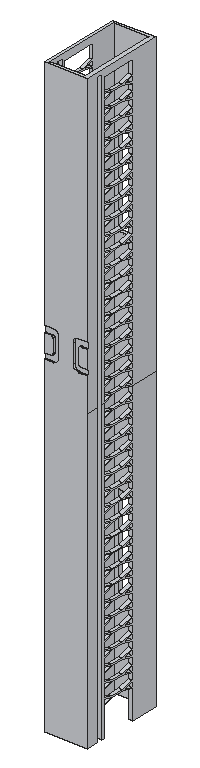
Revit family
Parameters
  Material ID = "760089466"
  Description = "Vertical Cable Management Kit, 6in X 96in (152mm X 2438mm) Single Sided, With Door, Black\r\nVertical Cable Management Kit, 6in X 84in (152mm X 2134mm) Single Sided, With Door, Black\r\nVERTICAL CABLE MANAGEMENT KIT, 6IN X 84IN(152MM X 2134MM) SINGLE SIDED, WITH DOOR, BLACK"
Reference planes (in)
  plane 1 "Center (Front/Back)": y = 0
  plane 2: z = 0
  plane 3 "Center (Left/Right)": x = 0
Forms (in)
  Extrusion 1, void, not visible
    sketch origin (0, 0, 0) x (1, 0, 0) y (0, 0, 1)
      loop
        line (-7.85662, 0.48089) -> (-7.85662, -0.39002) -> (-7.67285, -0.39002) -> (-7.67285, -0.64002) -> (-7.0736, -0.64002) -> (-7.0736, -0.39002) -> (-6.92978, -0.39002) -> (-6.92978, 0.48089) -> (-7.85662, 0.48089)
    from -3.79215 to 12
  Extrusion 2, void, not visible
    sketch origin (0, 0, 0) x (1, 0, 0) y (0, 0, 1)
      loop
        line (-8.21397, 0.42583) -> (-8.21397, -0.07417) -> (-8.08657, -0.07417) -> (-8.08657, -0.27417) -> (-7.83657, -0.27417) -> (-7.83657, -0.07417) -> (-7.72497, -0.07417) -> (-7.72497, 0.42583) -> (-8.21397, 0.42583)
    from 0.74059 to 3.34334
  Extrusion 3, solid
    sketch origin (0, 0, 0) x (1, 0, 0) y (0, 0, 1)
      loop
        line (3, 42) -> (-3, 42) -> (-3, -42) -> (3, -42) -> (3, 0) -> (3, 42)
    from 11.281 to -0.669
  Extrusion 4, void
    sketch origin (0, 0, 0) x (1, 0, 0) y (0, 0, 1)
      loop
        line (-3, 9.00056) -> (-3, 8.06684) -> (-2.1, 8.06684)
        arc (-2.1, 8.06684) -> (-1.88787, 7.97898) -> (-1.8, 7.76684) r 0.3
        line (-1.8, 7.76684) -> (-1.8, 5.85056)
        arc (-1.8, 5.85056) -> (-1.88787, 5.63843) -> (-2.1, 5.55056) r 0.3
        line (-2.1, 5.55056) -> (-3, 5.55056) -> (-3, 4.75056) -> (-1.8, 4.75056)
        arc (-1.8, 4.75056) -> (-1.23431, 4.98488) -> (-1, 5.55056) r 0.8
        line (-1, 5.55056) -> (-1, 8.20056)
        arc (-1, 8.20056) -> (-1.23431, 8.76625) -> (-1.8, 9.00056) r 0.8
        line (-1.8, 9.00056) -> (-3, 9.00056)
      loop
        line (3, 9.00056) -> (1.8, 9.00056)
        arc (1.8, 9.00056) -> (1.23431, 8.76625) -> (1, 8.20056) r 0.8
        line (1, 8.20056) -> (1, 5.55056)
        arc (1, 5.55056) -> (1.23431, 4.98488) -> (1.8, 4.75056) r 0.8
        line (1.8, 4.75056) -> (3, 4.75056) -> (3, 5.55056) -> (2.1, 5.55056)
        arc (2.1, 5.55056) -> (1.88787, 5.63843) -> (1.8, 5.85056) r 0.3
        line (1.8, 5.85056) -> (1.8, 7.76684)
        arc (1.8, 7.76684) -> (1.88787, 7.97898) -> (2.1, 8.06684) r 0.3
        line (2.1, 8.06684) -> (3, 8.06684) -> (3, 9.00056)
    from 11.08569 to 11.281
  Extrusion 5, void
    sketch origin (0, 0, 0) x (1, 0, 0) y (0, 1, 0)
      loop
        line (2.45983, 0.18675) -> (-2.54017, 0.18675) -> (-2.54017, -10.9115) -> (2.45983, -10.9115) -> (2.45983, 0.18675)
    from -58.88014 to 54.97812
  Extrusion 6, void
    sketch origin (0, 0, 0) x (0, 1, 0) y (0, 0, 1)
      loop
        line (-3.37841, 39.06909) -> (-3.37841, 41.06909) -> (-8.50915, 41.06909) -> (-8.50915, 39.06909) -> (-6.81878, 38.61615) -> (-5.06878, 38.61615) -> (-3.37841, 39.06909)
      loop
        line (-3.37841, 38.06909) -> (-5.06878, 38.52202) -> (-6.81878, 38.52202) -> (-8.50915, 38.06909) -> (-8.50915, 37.81909) -> (-8.50915, 37.06909) -> (-6.81878, 36.61615) -> (-5.06878, 36.61615) -> (-3.37841, 37.06909) -> (-3.37841, 37.81909) -> (-3.37841, 38.06909)
      loop
        line (-3.37841, 39.00985) -> (-4.9864, 38.57899) -> (-3.37841, 38.14813) -> (-3.37841, 39.00985)
      loop
        line (-8.50915, 39.00985) -> (-8.50915, 38.14813) -> (-6.90115, 38.57899) -> (-8.50915, 39.00985)
      loop
        line (-3.37841, 36.06909) -> (-5.06878, 36.52202) -> (-6.81878, 36.52202) -> (-8.50915, 36.06909) -> (-8.50915, 35.06909) -> (-6.81878, 34.61615) -> (-5.06878, 34.61615) -> (-3.37841, 35.06909) -> (-3.37841, 36.06909)
      loop
        line (-3.37841, 37.00985) -> (-4.9864, 36.57899) -> (-3.37841, 36.14813) -> (-3.37841, 37.00985)
      loop
        line (-8.50915, 37.00985) -> (-8.50915, 36.14813) -> (-6.90115, 36.57899) -> (-8.50915, 37.00985)
      loop
        line (-3.37841, 34.06909) -> (-5.06878, 34.52202) -> (-6.81878, 34.52202) -> (-8.50915, 34.06909) -> (-8.50915, 33.06909) -> (-6.81878, 32.61615) -> (-5.06878, 32.61615) -> (-3.37841, 33.06909) -> (-3.37841, 34.06909)
      loop
        line (-3.37841, 35.00985) -> (-4.9864, 34.57899) -> (-3.37841, 34.14813) -> (-3.37841, 35.00985)
      loop
        line (-8.50915, 35.00985) -> (-8.50915, 34.14813) -> (-6.90115, 34.57899) -> (-8.50915, 35.00985)
      loop
        line (-3.37841, 32.06909) -> (-5.06878, 32.52202) -> (-6.81878, 32.52202) -> (-8.50915, 32.06909) -> (-8.50915, 31.06909) -> (-6.81878, 30.61615) -> (-5.06878, 30.61615) -> (-3.37841, 31.06909) -> (-3.37841, 32.06909)
      loop
        line (-3.37841, 33.00985) -> (-4.9864, 32.57899) -> (-3.37841, 32.14813) -> (-3.37841, 33.00985)
      loop
        line (-8.50915, 33.00985) -> (-8.50915, 32.14813) -> (-6.90115, 32.57899) -> (-8.50915, 33.00985)
      loop
        line (-3.37841, 30.06909) -> (-5.06878, 30.52202) -> (-6.81878, 30.52202) -> (-8.50915, 30.06909) -> (-8.50915, 29.06909) -> (-6.81878, 28.61615) -> (-5.06878, 28.61615) -> (-3.37841, 29.06909) -> (-3.37841, 30.06909)
      loop
        line (-3.37841, 31.00985) -> (-4.9864, 30.57899) -> (-3.37841, 30.14813) -> (-3.37841, 31.00985)
      loop
        line (-8.50915, 31.00985) -> (-8.50915, 30.14813) -> (-6.90115, 30.57899) -> (-8.50915, 31.00985)
      loop
        line (-3.37841, 28.06909) -> (-5.06878, 28.52202) -> (-6.81878, 28.52202) -> (-8.50915, 28.06909) -> (-8.50915, 27.06909) -> (-6.81878, 26.61615) -> (-5.06878, 26.61615) -> (-3.37841, 27.06909) -> (-3.37841, 28.06909)
      loop
        line (-3.37841, 29.00985) -> (-4.9864, 28.57899) -> (-3.37841, 28.14813) -> (-3.37841, 29.00985)
      loop
        line (-8.50915, 29.00985) -> (-8.50915, 28.14813) -> (-6.90115, 28.57899) -> (-8.50915, 29.00985)
      loop
        line (-3.37841, 26.06909) -> (-5.06878, 26.52202) -> (-6.81878, 26.52202) -> (-8.50915, 26.06909) -> (-8.50915, 25.06909) -> (-6.81878, 24.61615) -> (-5.06878, 24.61615) -> (-3.37841, 25.06909) -> (-3.37841, 26.06909)
      loop
        line (-3.37841, 27.00985) -> (-4.9864, 26.57899) -> (-3.37841, 26.14813) -> (-3.37841, 27.00985)
      loop
        line (-8.50915, 27.00985) -> (-8.50915, 26.14813) -> (-6.90115, 26.57899) -> (-8.50915, 27.00985)
      loop
        line (-3.37841, 24.06909) -> (-5.06878, 24.52202) -> (-6.81878, 24.52202) -> (-8.50915, 24.06909) -> (-8.50915, 23.06909) -> (-6.81878, 22.61615) -> (-5.06878, 22.61615) -> (-3.37841, 23.06909) -> (-3.37841, 24.06909)
      loop
        line (-3.37841, 25.00985) -> (-4.9864, 24.57899) -> (-3.37841, 24.14813) -> (-3.37841, 25.00985)
      loop
        line (-8.50915, 25.00985) -> (-8.50915, 24.14813) -> (-6.90115, 24.57899) -> (-8.50915, 25.00985)
      loop
        line (-3.37841, 22.06909) -> (-5.06878, 22.52202) -> (-6.81878, 22.52202) -> (-8.50915, 22.06909) -> (-8.50915, 21.06909) -> (-6.81878, 20.61615) -> (-5.06878, 20.61615) -> (-3.37841, 21.06909) -> (-3.37841, 22.06909)
      loop
        line (-3.37841, 23.00985) -> (-4.9864, 22.57899) -> (-3.37841, 22.14813) -> (-3.37841, 23.00985)
      loop
        line (-8.50915, 23.00985) -> (-8.50915, 22.14813) -> (-6.90115, 22.57899) -> (-8.50915, 23.00985)
      loop
        line (-3.37841, 20.06909) -> (-5.06878, 20.52202) -> (-6.81878, 20.52202) -> (-8.50915, 20.06909) -> (-8.50915, 19.06909) -> (-6.81878, 18.61615) -> (-5.06878, 18.61615) -> (-3.37841, 19.06909) -> (-3.37841, 20.06909)
      loop
        line (-3.37841, 21.00985) -> (-4.9864, 20.57899) -> (-3.37841, 20.14813) -> (-3.37841, 21.00985)
      loop
        line (-8.50915, 21.00985) -> (-8.50915, 20.14813) -> (-6.90115, 20.57899) -> (-8.50915, 21.00985)
      loop
        line (-3.37841, 18.06909) -> (-5.06878, 18.52202) -> (-6.81878, 18.52202) -> (-8.50915, 18.06909) -> (-8.50915, 17.06909) -> (-6.81878, 16.61615) -> (-5.06878, 16.61615) -> (-3.37841, 17.06909) -> (-3.37841, 18.06909)
      loop
        line (-3.37841, 19.00985) -> (-4.9864, 18.57899) -> (-3.37841, 18.14813) -> (-3.37841, 19.00985)
      loop
        line (-8.50915, 19.00985) -> (-8.50915, 18.14813) -> (-6.90115, 18.57899) -> (-8.50915, 19.00985)
      loop
        line (-3.37841, 16.06909) -> (-5.06878, 16.52202) -> (-6.81878, 16.52202) -> (-8.50915, 16.06909) -> (-8.50915, 15.06909) -> (-6.81878, 14.61615) -> (-5.06878, 14.61615) -> (-3.37841, 15.06909) -> (-3.37841, 16.06909)
      loop
        line (-3.37841, 17.00985) -> (-4.9864, 16.57899) -> (-3.37841, 16.14813) -> (-3.37841, 17.00985)
      loop
        line (-8.50915, 17.00985) -> (-8.50915, 16.14813) -> (-6.90115, 16.57899) -> (-8.50915, 17.00985)
      loop
        line (-3.37841, 14.06909) -> (-5.06878, 14.52202) -> (-6.81878, 14.52202) -> (-8.50915, 14.06909) -> (-8.50915, 13.06909) -> (-6.81878, 12.61615) -> (-5.06878, 12.61615) -> (-3.37841, 13.06909) -> (-3.37841, 14.06909)
      loop
        line (-3.37841, 15.00985) -> (-4.9864, 14.57899) -> (-3.37841, 14.14813) -> (-3.37841, 15.00985)
      loop
        line (-8.50915, 15.00985) -> (-8.50915, 14.14813) -> (-6.90115, 14.57899) -> (-8.50915, 15.00985)
      loop
        line (-3.37841, 12.06909) -> (-5.06878, 12.52202) -> (-6.81878, 12.52202) -> (-8.50915, 12.06909) -> (-8.50915, 11.06909) -> (-6.81878, 10.61615) -> (-5.06878, 10.61615) -> (-3.37841, 11.06909) -> (-3.37841, 12.06909)
      loop
        line (-3.37841, 13.00985) -> (-4.9864, 12.57899) -> (-3.37841, 12.14813) -> (-3.37841, 13.00985)
      loop
        line (-8.50915, 13.00985) -> (-8.50915, 12.14813) -> (-6.90115, 12.57899) -> (-8.50915, 13.00985)
      loop
        line (-3.37841, 10.06909) -> (-5.06878, 10.52202) -> (-6.81878, 10.52202) -> (-8.50915, 10.06909) -> (-8.50915, 9.06909) -> (-6.81878, 8.61615) -> (-5.06878, 8.61615) -> (-3.37841, 9.06909) -> (-3.37841, 10.06909)
      loop
        line (-3.37841, 11.00985) -> (-4.9864, 10.57899) -> (-3.37841, 10.14813) -> (-3.37841, 11.00985)
      loop
        line (-8.50915, 11.00985) -> (-8.50915, 10.14813) -> (-6.90115, 10.57899) -> (-8.50915, 11.00985)
      loop
        line (-3.37841, 8.06909) -> (-5.06878, 8.52202) -> (-6.81878, 8.52202) -> (-8.50915, 8.06909) -> (-8.50915, 7.06909) -> (-6.81878, 6.61615) -> (-5.06878, 6.61615) -> (-3.37841, 7.06909) -> (-3.37841, 8.06909)
      loop
        line (-3.37841, 9.00985) -> (-4.9864, 8.57899) -> (-3.37841, 8.14813) -> (-3.37841, 9.00985)
      loop
        line (-8.50915, 9.00985) -> (-8.50915, 8.14813) -> (-6.90115, 8.57899) -> (-8.50915, 9.00985)
      loop
        line (-3.37841, 6.06909) -> (-5.06878, 6.52202) -> (-6.81878, 6.52202) -> (-8.50915, 6.06909) -> (-8.50915, 5.06909) -> (-6.81878, 4.61615) -> (-5.06878, 4.61615) -> (-3.37841, 5.06909) -> (-3.37841, 6.06909)
      loop
        line (-3.37841, 7.00985) -> (-4.9864, 6.57899) -> (-3.37841, 6.14813) -> (-3.37841, 7.00985)
      loop
        line (-8.50915, 7.00985) -> (-8.50915, 6.14813) -> (-6.90115, 6.57899) -> (-8.50915, 7.00985)
      loop
        line (-3.37841, 4.06909) -> (-5.06878, 4.52202) -> (-6.81878, 4.52202) -> (-8.50915, 4.06909) -> (-8.50915, 3.06909) -> (-6.81878, 2.61615) -> (-5.06878, 2.61615) -> (-3.37841, 3.06909) -> (-3.37841, 4.06909)
      loop
        line (-3.37841, 5.00985) -> (-4.9864, 4.57899) -> (-3.37841, 4.14813) -> (-3.37841, 5.00985)
      loop
        line (-8.50915, 5.00985) -> (-8.50915, 4.14813) -> (-6.90115, 4.57899) -> (-8.50915, 5.00985)
      loop
        line (-3.37841, 2.06909) -> (-5.06878, 2.52202) -> (-6.81878, 2.52202) -> (-8.50915, 2.06909) -> (-8.50915, 1.06909) -> (-6.81878, 0.61615) -> (-5.06878, 0.61615) -> (-3.37841, 1.06909) -> (-3.37841, 2.06909)
      loop
        line (-3.37841, 3.00985) -> (-4.9864, 2.57899) -> (-3.37841, 2.14813) -> (-3.37841, 3.00985)
      loop
        line (-8.50915, 3.00985) -> (-8.50915, 2.14813) -> (-6.90115, 2.57899) -> (-8.50915, 3.00985)
      loop
        line (-3.37841, 0.06909) -> (-5.06878, 0.52202) -> (-6.81878, 0.52202) -> (-8.50915, 0.06909) -> (-8.50915, -0.93091) -> (-6.81878, -1.38385) -> (-5.06878, -1.38385) -> (-3.37841, -0.93091) -> (-3.37841, 0.06909)
      loop
        line (-3.37841, 1.00985) -> (-4.9864, 0.57899) -> (-3.37841, 0.14813) -> (-3.37841, 1.00985)
      loop
        line (-8.50915, 1.00985) -> (-8.50915, 0.14813) -> (-6.90115, 0.57899) -> (-8.50915, 1.00985)
      loop
        line (-3.37841, -1.93091) -> (-5.06878, -1.47798) -> (-6.81878, -1.47798) -> (-8.50915, -1.93091) -> (-8.50915, -2.93091) -> (-6.81878, -3.38385) -> (-5.06878, -3.38385) -> (-3.37841, -2.93091) -> (-3.37841, -1.93091)
      loop
        line (-3.37841, -0.99015) -> (-4.9864, -1.42101) -> (-3.37841, -1.85187) -> (-3.37841, -0.99015)
      loop
        line (-8.50915, -0.99015) -> (-8.50915, -1.85187) -> (-6.90115, -1.42101) -> (-8.50915, -0.99015)
      loop
        line (-3.37841, -3.93091) -> (-5.06878, -3.47798) -> (-6.81878, -3.47798) -> (-8.50915, -3.93091) -> (-8.50915, -4.93091) -> (-6.81878, -5.38385) -> (-5.06878, -5.38385) -> (-3.37841, -4.93091) -> (-3.37841, -3.93091)
      loop
        line (-3.37841, -2.99015) -> (-4.9864, -3.42101) -> (-3.37841, -3.85187) -> (-3.37841, -2.99015)
      loop
        line (-8.50915, -2.99015) -> (-8.50915, -3.85187) -> (-6.90115, -3.42101) -> (-8.50915, -2.99015)
      loop
        line (-3.37841, -5.93091) -> (-5.06878, -5.47798) -> (-6.81878, -5.47798) -> (-8.50915, -5.93091) -> (-8.50915, -6.93091) -> (-6.81878, -7.38385) -> (-5.06878, -7.38385) -> (-3.37841, -6.93091) -> (-3.37841, -5.93091)
      loop
        line (-3.37841, -4.99015) -> (-4.9864, -5.42101) -> (-3.37841, -5.85187) -> (-3.37841, -4.99015)
      loop
        line (-8.50915, -4.99015) -> (-8.50915, -5.85187) -> (-6.90115, -5.42101) -> (-8.50915, -4.99015)
      loop
        line (-3.37841, -7.93091) -> (-5.06878, -7.47798) -> (-6.81878, -7.47798) -> (-8.50915, -7.93091) -> (-8.50915, -8.93091) -> (-6.81878, -9.38385) -> (-5.06878, -9.38385) -> (-3.37841, -8.93091) -> (-3.37841, -7.93091)
      loop
        line (-3.37841, -6.99015) -> (-4.9864, -7.42101) -> (-3.37841, -7.85187) -> (-3.37841, -6.99015)
      loop
        line (-8.50915, -6.99015) -> (-8.50915, -7.85187) -> (-6.90115, -7.42101) -> (-8.50915, -6.99015)
      loop
        line (-3.37841, -9.93091) -> (-5.06878, -9.47798) -> (-6.81878, -9.47798) -> (-8.50915, -9.93091) -> (-8.50915, -10.93091) -> (-6.81878, -11.38385) -> (-5.06878, -11.38385) -> (-3.37841, -10.93091) -> (-3.37841, -9.93091)
      loop
        line (-3.37841, -8.99015) -> (-4.9864, -9.42101) -> (-3.37841, -9.85187) -> (-3.37841, -8.99015)
      loop
        line (-8.50915, -8.99015) -> (-8.50915, -9.85187) -> (-6.90115, -9.42101) -> (-8.50915, -8.99015)
      loop
        line (-3.37841, -11.93091) -> (-5.06878, -11.47798) -> (-6.81878, -11.47798) -> (-8.50915, -11.93091) -> (-8.50915, -12.93091) -> (-6.81878, -13.38385) -> (-5.06878, -13.38385) -> (-3.37841, -12.93091) -> (-3.37841, -11.93091)
      loop
        line (-3.37841, -10.99015) -> (-4.9864, -11.42101) -> (-3.37841, -11.85187) -> (-3.37841, -10.99015)
      loop
        line (-8.50915, -10.99015) -> (-8.50915, -11.85187) -> (-6.90115, -11.42101) -> (-8.50915, -10.99015)
      loop
        line (-3.37841, -13.93091) -> (-5.06878, -13.47798) -> (-6.81878, -13.47798) -> (-8.50915, -13.93091) -> (-8.50915, -14.93091) -> (-6.81878, -15.38385) -> (-5.06878, -15.38385) -> (-3.37841, -14.93091) -> (-3.37841, -13.93091)
      loop
        line (-3.37841, -12.99015) -> (-4.9864, -13.42101) -> (-3.37841, -13.85187) -> (-3.37841, -12.99015)
      loop
        line (-8.50915, -12.99015) -> (-8.50915, -13.85187) -> (-6.90115, -13.42101) -> (-8.50915, -12.99015)
      loop
        line (-3.37841, -15.93091) -> (-5.06878, -15.47798) -> (-6.81878, -15.47798) -> (-8.50915, -15.93091) -> (-8.50915, -16.93091) -> (-6.81878, -17.38385) -> (-5.06878, -17.38385) -> (-3.37841, -16.93091) -> (-3.37841, -15.93091)
      loop
        line (-3.37841, -14.99015) -> (-4.9864, -15.42101) -> (-3.37841, -15.85187) -> (-3.37841, -14.99015)
      loop
        line (-8.50915, -14.99015) -> (-8.50915, -15.85187) -> (-6.90115, -15.42101) -> (-8.50915, -14.99015)
      loop
        line (-3.37841, -17.93091) -> (-5.06878, -17.47798) -> (-6.81878, -17.47798) -> (-8.50915, -17.93091) -> (-8.50915, -18.93091) -> (-6.81878, -19.38385) -> (-5.06878, -19.38385) -> (-3.37841, -18.93091) -> (-3.37841, -17.93091)
      loop
        line (-3.37841, -16.99015) -> (-4.9864, -17.42101) -> (-3.37841, -17.85187) -> (-3.37841, -16.99015)
      loop
        line (-8.50915, -16.99015) -> (-8.50915, -17.85187) -> (-6.90115, -17.42101) -> (-8.50915, -16.99015)
      loop
        line (-3.37841, -19.93091) -> (-5.06878, -19.47798) -> (-6.81878, -19.47798) -> (-8.50915, -19.93091) -> (-8.50915, -20.93091) -> (-6.81878, -21.38385) -> (-5.06878, -21.38385) -> (-3.37841, -20.93091) -> (-3.37841, -19.93091)
      loop
        line (-3.37841, -18.99015) -> (-4.9864, -19.42101) -> (-3.37841, -19.85187) -> (-3.37841, -18.99015)
      loop
        line (-8.50915, -18.99015) -> (-8.50915, -19.85187) -> (-6.90115, -19.42101) -> (-8.50915, -18.99015)
      loop
        line (-3.37841, -21.93091) -> (-5.06878, -21.47798) -> (-6.81878, -21.47798) -> (-8.50915, -21.93091) -> (-8.50915, -22.93091) -> (-6.81878, -23.38385) -> (-5.06878, -23.38385) -> (-3.37841, -22.93091) -> (-3.37841, -21.93091)
      loop
        line (-3.37841, -20.99015) -> (-4.9864, -21.42101) -> (-3.37841, -21.85187) -> (-3.37841, -20.99015)
      loop
        line (-8.50915, -20.99015) -> (-8.50915, -21.85187) -> (-6.90115, -21.42101) -> (-8.50915, -20.99015)
      loop
        line (-3.37841, -23.93091) -> (-5.06878, -23.47798) -> (-6.81878, -23.47798) -> (-8.50915, -23.93091) -> (-8.50915, -24.93091) -> (-6.81878, -25.38385) -> (-5.06878, -25.38385) -> (-3.37841, -24.93091) -> (-3.37841, -23.93091)
      loop
        line (-3.37841, -22.99015) -> (-4.9864, -23.42101) -> (-3.37841, -23.85187) -> (-3.37841, -22.99015)
      loop
        line (-8.50915, -22.99015) -> (-8.50915, -23.85187) -> (-6.90115, -23.42101) -> (-8.50915, -22.99015)
      loop
        line (-3.37841, -25.93091) -> (-5.06878, -25.47798) -> (-6.81878, -25.47798) -> (-8.50915, -25.93091) -> (-8.50915, -26.93091) -> (-6.81878, -27.38385) -> (-5.06878, -27.38385) -> (-3.37841, -26.93091) -> (-3.37841, -25.93091)
      loop
        line (-3.37841, -24.99015) -> (-4.9864, -25.42101) -> (-3.37841, -25.85187) -> (-3.37841, -24.99015)
      loop
        line (-8.50915, -24.99015) -> (-8.50915, -25.85187) -> (-6.90115, -25.42101) -> (-8.50915, -24.99015)
      loop
        line (-3.37841, -27.93091) -> (-5.06878, -27.47798) -> (-6.81878, -27.47798) -> (-8.50915, -27.93091) -> (-8.50915, -28.93091) -> (-6.81878, -29.38385) -> (-5.06878, -29.38385) -> (-3.37841, -28.93091) -> (-3.37841, -27.93091)
      loop
        line (-3.37841, -26.99015) -> (-4.9864, -27.42101) -> (-3.37841, -27.85187) -> (-3.37841, -26.99015)
      loop
        line (-8.50915, -26.99015) -> (-8.50915, -27.85187) -> (-6.90115, -27.42101) -> (-8.50915, -26.99015)
      loop
        line (-3.37841, -29.93091) -> (-5.06878, -29.47798) -> (-6.81878, -29.47798) -> (-8.50915, -29.93091) -> (-8.50915, -30.93091) -> (-6.81878, -31.38385) -> (-5.06878, -31.38385) -> (-3.37841, -30.93091) -> (-3.37841, -29.93091)
      loop
        line (-3.37841, -28.99015) -> (-4.9864, -29.42101) -> (-3.37841, -29.85187) -> (-3.37841, -28.99015)
      loop
        line (-8.50915, -28.99015) -> (-8.50915, -29.85187) -> (-6.90115, -29.42101) -> (-8.50915, -28.99015)
      loop
        line (-3.37841, -31.93091) -> (-5.06878, -31.47798) -> (-6.81878, -31.47798) -> (-8.50915, -31.93091) -> (-8.50915, -32.93091) -> (-6.81878, -33.38385) -> (-5.06878, -33.38385) -> (-3.37841, -32.93091) -> (-3.37841, -31.93091)
      loop
        line (-3.37841, -30.99015) -> (-4.9864, -31.42101) -> (-3.37841, -31.85187) -> (-3.37841, -30.99015)
      loop
        line (-8.50915, -30.99015) -> (-8.50915, -31.85187) -> (-6.90115, -31.42101) -> (-8.50915, -30.99015)
      loop
        line (-3.37841, -33.93091) -> (-5.06878, -33.47798) -> (-6.81878, -33.47798) -> (-8.50915, -33.93091) -> (-8.50915, -34.93091) -> (-6.81878, -35.38385) -> (-5.06878, -35.38385) -> (-3.37841, -34.93091) -> (-3.37841, -33.93091)
      loop
        line (-3.37841, -32.99015) -> (-4.9864, -33.42101) -> (-3.37841, -33.85187) -> (-3.37841, -32.99015)
      loop
        line (-8.50915, -32.99015) -> (-8.50915, -33.85187) -> (-6.90115, -33.42101) -> (-8.50915, -32.99015)
      loop
        line (-3.37841, -35.93091) -> (-5.06878, -35.47798) -> (-6.81878, -35.47798) -> (-8.50915, -35.93091) -> (-8.50915, -36.93091) -> (-6.81878, -37.38385) -> (-5.06878, -37.38385) -> (-3.37841, -36.93091) -> (-3.37841, -35.93091)
      loop
        line (-3.37841, -34.99015) -> (-4.9864, -35.42101) -> (-3.37841, -35.85187) -> (-3.37841, -34.99015)
      loop
        line (-8.50915, -34.99015) -> (-8.50915, -35.85187) -> (-6.90115, -35.42101) -> (-8.50915, -34.99015)
      loop
        line (-3.37841, -37.93091) -> (-5.06878, -37.47798) -> (-6.81878, -37.47798) -> (-8.50915, -37.93091) -> (-8.50915, -42) -> (-3.37841, -42) -> (-3.37841, -37.93091)
      loop
        line (-3.37841, -36.99015) -> (-4.9864, -37.42101) -> (-3.37841, -37.85187) -> (-3.37841, -36.99015)
      loop
        line (-8.50915, -36.99015) -> (-8.50915, -37.85187) -> (-6.90115, -37.42101) -> (-8.50915, -36.99015)
    from -16.16264 to 12
  Extrusion 7, void
    sketch origin (0, 0, 0) x (0, 1, 0) y (0, 0, 1)
      loop
        line (-9.74802, 41.47806) -> (-9.74802, -42) -> (-8.75915, -42) -> (-8.75915, 41.47806) -> (-9.74802, 41.47806)
    from -16.48531 to 12
  Extrusion 8, void
    sketch origin (0, 0, 0) x (1, 0, 0) y (0, 0, 1)
      loop
        line (1.49935, 28.88043) -> (-1.75065, 28.88043) -> (-1.75065, 16.13043) -> (1.49935, 16.13043) -> (1.49935, 28.88043)
      loop
        line (1.49935, -28.88043) -> (1.49935, -16.13043) -> (-1.75065, -16.13043) -> (-1.75065, -28.88043) -> (1.49935, -28.88043)
    from -9.86946 to 1.00595
Cuts and joins
  Extrusion 4, Extrusion 5, Extrusion 6, Extrusion 7, Extrusion 8 cuts Extrusion 3
